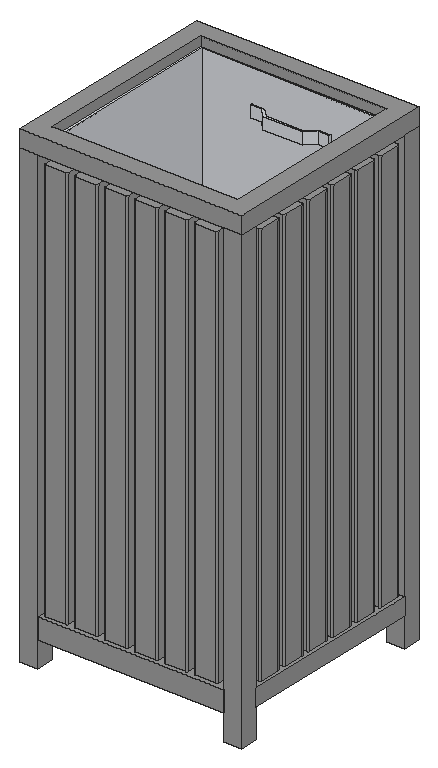
Revit family "Урна «Эстет» Арт 13007", category Антураж, Revit 2018
Family settings
  На основе рабочей плоскости = Нет
  Всегда вертикально = Да
  При загрузке вырезать с полостями = Нет
  Источник визуального образа = Геометрия семейства
  Общий = Нет
  Точка расчета площади = Нет
Parameters
  Ширина = 380 mm  # constant formula
  Цвет отделки = Дерево
  Цвет каркаса = Сталь
  Описание = "Урна «Эстет»"  # constant formula
  Материал изделия = "Сталь, дерево"  # constant formula
  Изображение типоразмера = Урна эстет арт 13007.jpg
  Изготовитель = "ООО «Хоббика»"  # constant formula
  Длина = 380 mm  # constant formula
  Группа модели = "Уличные урны"  # constant formula
  Высота = 820 mm  # constant formula
  Артикул товара = "Арт. 13007"  # constant formula
  URL = "https://hobbyka.ru/product/urna_estet/"
Reference planes
  plane 1 "По центру (Вперед/Назад)": y = 0
  plane 2: z = 0
  plane 3 "По центру (Влево/Вправо)": x = 0
Forms (mm)
  Extrusion 1, solid, material "Сталь" <- "Цвет каркаса"
    sketch origin (0, 0, 0) x (1, 0, 0) y (0, 1, 0)
      loop
        line (30, 380) -> (30, 350) -> (350, 350) -> (350, 380) -> (30, 380)
      loop
        line (30, 30) -> (30, 0) -> (350, 0) -> (350, 30) -> (30, 30)
    from 44.533 to 80
  Extrusion 2, solid, material "Сталь" <- "Цвет каркаса"
    sketch origin (0, 0, 0) x (1, 0, 0) y (0, 1, 0)
      loop
        line (0, 380) -> (0, 350) -> (30, 350) -> (30, 380) -> (0, 380)
      loop
        line (380, 380) -> (350, 380) -> (350, 350) -> (380, 350) -> (380, 380)
      loop
        line (30, 30) -> (0, 30) -> (0, 0) -> (30, 0) -> (30, 30)
      loop
        line (350, 30) -> (350, 0) -> (380, 0) -> (380, 30) -> (350, 30)
    from 0 to 790
  Extrusion 3, solid, material "Сталь" <- "Цвет каркаса"
    sketch origin (0, 0, 0) x (1, 0, 0) y (0, 1, 0)
      loop
        line (0, 380) -> (0, 0) -> (380, 0) -> (380, 380) -> (0, 380)
      loop
        line (30, 350) -> (30, 30) -> (350, 30) -> (350, 350) -> (30, 350)
    from 790 to 820
  Extrusion 4, solid, material "Сталь" <- "Цвет каркаса"
    sketch origin (0, 0, 0) x (1, 0, 0) y (0, 1, 0)
      loop
        line (0, 350) -> (0, 30) -> (30, 30) -> (30, 350) -> (0, 350)
      loop
        line (380, 350) -> (350, 350) -> (350, 30) -> (380, 30) -> (380, 350)
    from 50 to 80
  Extrusion 5, solid, material "Дерево" <- "Цвет отделки"
    sketch origin (0, 0, 0) x (1, 0, 0) y (0, 1, 0)
      loop
        arc (44.197, 380) -> (42.24, 379.19) -> (41.43, 377.233) r 2.767
        line (41.43, 377.233) -> (41.43, 352.767)
        arc (41.43, 352.767) -> (42.24, 350.81) -> (44.197, 350) r 2.767
        line (44.197, 350) -> (78.663, 350)
        arc (78.663, 350) -> (80.62, 350.81) -> (81.43, 352.767) r 2.767
        line (81.43, 352.767) -> (81.43, 377.233)
        arc (81.43, 377.233) -> (80.62, 379.19) -> (78.663, 380) r 2.767
        line (78.663, 380) -> (44.197, 380)
      loop
        arc (95.627, 380) -> (93.67, 379.19) -> (92.86, 377.233) r 2.767
        line (92.86, 377.233) -> (92.86, 352.767)
        arc (92.86, 352.767) -> (93.67, 350.81) -> (95.627, 350) r 2.767
        line (95.627, 350) -> (130.093, 350)
        arc (130.093, 350) -> (132.05, 350.81) -> (132.86, 352.767) r 2.767
        line (132.86, 352.767) -> (132.86, 377.233)
        arc (132.86, 377.233) -> (132.05, 379.19) -> (130.093, 380) r 2.767
        line (130.093, 380) -> (95.627, 380)
      loop
        arc (147.057, 380) -> (145.1, 379.19) -> (144.29, 377.233) r 2.767
        line (144.29, 377.233) -> (144.29, 352.767)
        arc (144.29, 352.767) -> (145.1, 350.81) -> (147.057, 350) r 2.767
        line (147.057, 350) -> (181.523, 350)
        arc (181.523, 350) -> (183.48, 350.81) -> (184.29, 352.767) r 2.767
        line (184.29, 352.767) -> (184.29, 377.233)
        arc (184.29, 377.233) -> (183.48, 379.19) -> (181.523, 380) r 2.767
        line (181.523, 380) -> (147.057, 380)
      loop
        arc (198.487, 380) -> (196.53, 379.19) -> (195.72, 377.233) r 2.767
        line (195.72, 377.233) -> (195.72, 352.767)
        arc (195.72, 352.767) -> (196.53, 350.81) -> (198.487, 350) r 2.767
        line (198.487, 350) -> (232.953, 350)
        arc (232.953, 350) -> (234.91, 350.81) -> (235.72, 352.767) r 2.767
        line (235.72, 352.767) -> (235.72, 377.233)
        arc (235.72, 377.233) -> (234.91, 379.19) -> (232.953, 380) r 2.767
        line (232.953, 380) -> (198.487, 380)
      loop
        arc (249.917, 380) -> (247.96, 379.19) -> (247.15, 377.233) r 2.767
        line (247.15, 377.233) -> (247.15, 352.767)
        arc (247.15, 352.767) -> (247.96, 350.81) -> (249.917, 350) r 2.767
        line (249.917, 350) -> (284.383, 350)
        arc (284.383, 350) -> (286.34, 350.81) -> (287.15, 352.767) r 2.767
        line (287.15, 352.767) -> (287.15, 377.233)
        arc (287.15, 377.233) -> (286.34, 379.19) -> (284.383, 380) r 2.767
        line (284.383, 380) -> (249.917, 380)
      loop
        arc (301.347, 380) -> (299.39, 379.19) -> (298.58, 377.233) r 2.767
        line (298.58, 377.233) -> (298.58, 352.767)
        arc (298.58, 352.767) -> (299.39, 350.81) -> (301.347, 350) r 2.767
        line (301.347, 350) -> (335.813, 350)
        arc (335.813, 350) -> (337.77, 350.81) -> (338.58, 352.767) r 2.767
        line (338.58, 352.767) -> (338.58, 377.233)
        arc (338.58, 377.233) -> (337.77, 379.19) -> (335.813, 380) r 2.767
        line (335.813, 380) -> (301.347, 380)
      loop
        arc (44.197, 30) -> (42.24, 29.19) -> (41.43, 27.233) r 2.767
        line (41.43, 27.233) -> (41.43, 2.767)
        arc (41.43, 2.767) -> (42.24, 0.81) -> (44.197, 0) r 2.767
        line (44.197, 0) -> (78.663, 0)
        arc (78.663, 0) -> (80.62, 0.81) -> (81.43, 2.767) r 2.767
        line (81.43, 2.767) -> (81.43, 27.233)
        arc (81.43, 27.233) -> (80.62, 29.19) -> (78.663, 30) r 2.767
        line (78.663, 30) -> (44.197, 30)
      loop
        arc (95.627, 30) -> (93.67, 29.19) -> (92.86, 27.233) r 2.767
        line (92.86, 27.233) -> (92.86, 2.767)
        arc (92.86, 2.767) -> (93.67, 0.81) -> (95.627, 0) r 2.767
        line (95.627, 0) -> (130.093, 0)
        arc (130.093, 0) -> (132.05, 0.81) -> (132.86, 2.767) r 2.767
        line (132.86, 2.767) -> (132.86, 27.233)
        arc (132.86, 27.233) -> (132.05, 29.19) -> (130.093, 30) r 2.767
        line (130.093, 30) -> (95.627, 30)
      loop
        arc (147.057, 30) -> (145.1, 29.19) -> (144.29, 27.233) r 2.767
        line (144.29, 27.233) -> (144.29, 2.767)
        arc (144.29, 2.767) -> (145.1, 0.81) -> (147.057, 0) r 2.767
        line (147.057, 0) -> (181.523, 0)
        arc (181.523, 0) -> (183.48, 0.81) -> (184.29, 2.767) r 2.767
        line (184.29, 2.767) -> (184.29, 27.233)
        arc (184.29, 27.233) -> (183.48, 29.19) -> (181.523, 30) r 2.767
        line (181.523, 30) -> (147.057, 30)
      loop
        arc (198.487, 30) -> (196.53, 29.19) -> (195.72, 27.233) r 2.767
        line (195.72, 27.233) -> (195.72, 2.767)
        arc (195.72, 2.767) -> (196.53, 0.81) -> (198.487, 0) r 2.767
        line (198.487, 0) -> (232.953, 0)
        arc (232.953, 0) -> (234.91, 0.81) -> (235.72, 2.767) r 2.767
        line (235.72, 2.767) -> (235.72, 27.233)
        arc (235.72, 27.233) -> (234.91, 29.19) -> (232.953, 30) r 2.767
        line (232.953, 30) -> (198.487, 30)
      loop
        arc (249.917, 30) -> (247.96, 29.19) -> (247.15, 27.233) r 2.767
        line (247.15, 27.233) -> (247.15, 2.767)
        arc (247.15, 2.767) -> (247.96, 0.81) -> (249.917, 0) r 2.767
        line (249.917, 0) -> (284.383, 0)
        arc (284.383, 0) -> (286.34, 0.81) -> (287.15, 2.767) r 2.767
        line (287.15, 2.767) -> (287.15, 27.233)
        arc (287.15, 27.233) -> (286.34, 29.19) -> (284.383, 30) r 2.767
        line (284.383, 30) -> (249.917, 30)
      loop
        arc (301.347, 30) -> (299.39, 29.19) -> (298.58, 27.233) r 2.767
        line (298.58, 27.233) -> (298.58, 2.767)
        arc (298.58, 2.767) -> (299.39, 0.81) -> (301.347, 0) r 2.767
        line (301.347, 0) -> (335.813, 0)
        arc (335.813, 0) -> (337.77, 0.81) -> (338.58, 2.767) r 2.767
        line (338.58, 2.767) -> (338.58, 27.233)
        arc (338.58, 27.233) -> (337.77, 29.19) -> (335.813, 30) r 2.767
        line (335.813, 30) -> (301.347, 30)
      loop
        arc (380, 335.803) -> (379.19, 337.76) -> (377.233, 338.57) r 2.767
        line (377.233, 338.57) -> (352.767, 338.57)
        arc (352.767, 338.57) -> (350.81, 337.76) -> (350, 335.803) r 2.767
        line (350, 335.803) -> (350, 301.337)
        arc (350, 301.337) -> (350.81, 299.38) -> (352.767, 298.57) r 2.767
        line (352.767, 298.57) -> (377.233, 298.57)
        arc (377.233, 298.57) -> (379.19, 299.38) -> (380, 301.337) r 2.767
        line (380, 301.337) -> (380, 335.803)
      loop
        arc (380, 284.373) -> (379.19, 286.33) -> (377.233, 287.14) r 2.767
        line (377.233, 287.14) -> (352.767, 287.14)
        arc (352.767, 287.14) -> (350.81, 286.33) -> (350, 284.373) r 2.767
        line (350, 284.373) -> (350, 249.907)
        arc (350, 249.907) -> (350.81, 247.95) -> (352.767, 247.14) r 2.767
        line (352.767, 247.14) -> (377.233, 247.14)
        arc (377.233, 247.14) -> (379.19, 247.95) -> (380, 249.907) r 2.767
        line (380, 249.907) -> (380, 284.373)
      loop
        arc (380, 232.943) -> (379.19, 234.9) -> (377.233, 235.71) r 2.767
        line (377.233, 235.71) -> (352.767, 235.71)
        arc (352.767, 235.71) -> (350.81, 234.9) -> (350, 232.943) r 2.767
        line (350, 232.943) -> (350, 198.477)
        arc (350, 198.477) -> (350.81, 196.52) -> (352.767, 195.71) r 2.767
        line (352.767, 195.71) -> (377.233, 195.71)
        arc (377.233, 195.71) -> (379.19, 196.52) -> (380, 198.477) r 2.767
        line (380, 198.477) -> (380, 232.943)
      loop
        arc (380, 181.513) -> (379.19, 183.47) -> (377.233, 184.28) r 2.767
        line (377.233, 184.28) -> (352.767, 184.28)
        arc (352.767, 184.28) -> (350.81, 183.47) -> (350, 181.513) r 2.767
        line (350, 181.513) -> (350, 147.047)
        arc (350, 147.047) -> (350.81, 145.09) -> (352.767, 144.28) r 2.767
        line (352.767, 144.28) -> (377.233, 144.28)
        arc (377.233, 144.28) -> (379.19, 145.09) -> (380, 147.047) r 2.767
        line (380, 147.047) -> (380, 181.513)
      loop
        arc (380, 130.083) -> (379.19, 132.04) -> (377.233, 132.85) r 2.767
        line (377.233, 132.85) -> (352.767, 132.85)
        arc (352.767, 132.85) -> (350.81, 132.04) -> (350, 130.083) r 2.767
        line (350, 130.083) -> (350, 95.617)
        arc (350, 95.617) -> (350.81, 93.66) -> (352.767, 92.85) r 2.767
        line (352.767, 92.85) -> (377.233, 92.85)
        arc (377.233, 92.85) -> (379.19, 93.66) -> (380, 95.617) r 2.767
        line (380, 95.617) -> (380, 130.083)
      loop
        arc (380, 78.653) -> (379.19, 80.61) -> (377.233, 81.42) r 2.767
        line (377.233, 81.42) -> (352.767, 81.42)
        arc (352.767, 81.42) -> (350.81, 80.61) -> (350, 78.653) r 2.767
        line (350, 78.653) -> (350, 44.187)
        arc (350, 44.187) -> (350.81, 42.23) -> (352.767, 41.42) r 2.767
        line (352.767, 41.42) -> (377.233, 41.42)
        arc (377.233, 41.42) -> (379.19, 42.23) -> (380, 44.187) r 2.767
        line (380, 44.187) -> (380, 78.653)
      loop
        arc (30, 335.803) -> (29.19, 337.76) -> (27.233, 338.57) r 2.767
        line (27.233, 338.57) -> (2.767, 338.57)
        arc (2.767, 338.57) -> (0.81, 337.76) -> (0, 335.803) r 2.767
        line (0, 335.803) -> (0, 301.337)
        arc (0, 301.337) -> (0.81, 299.38) -> (2.767, 298.57) r 2.767
        line (2.767, 298.57) -> (27.233, 298.57)
        arc (27.233, 298.57) -> (29.19, 299.38) -> (30, 301.337) r 2.767
        line (30, 301.337) -> (30, 335.803)
      loop
        arc (30, 284.373) -> (29.19, 286.33) -> (27.233, 287.14) r 2.767
        line (27.233, 287.14) -> (2.767, 287.14)
        arc (2.767, 287.14) -> (0.81, 286.33) -> (0, 284.373) r 2.767
        line (0, 284.373) -> (0, 249.907)
        arc (0, 249.907) -> (0.81, 247.95) -> (2.767, 247.14) r 2.767
        line (2.767, 247.14) -> (27.233, 247.14)
        arc (27.233, 247.14) -> (29.19, 247.95) -> (30, 249.907) r 2.767
        line (30, 249.907) -> (30, 284.373)
      loop
        arc (30, 232.943) -> (29.19, 234.9) -> (27.233, 235.71) r 2.767
        line (27.233, 235.71) -> (2.767, 235.71)
        arc (2.767, 235.71) -> (0.81, 234.9) -> (0, 232.943) r 2.767
        line (0, 232.943) -> (0, 198.477)
        arc (0, 198.477) -> (0.81, 196.52) -> (2.767, 195.71) r 2.767
        line (2.767, 195.71) -> (27.233, 195.71)
        arc (27.233, 195.71) -> (29.19, 196.52) -> (30, 198.477) r 2.767
        line (30, 198.477) -> (30, 232.943)
      loop
        arc (30, 181.513) -> (29.19, 183.47) -> (27.233, 184.28) r 2.767
        line (27.233, 184.28) -> (2.767, 184.28)
        arc (2.767, 184.28) -> (0.81, 183.47) -> (0, 181.513) r 2.767
        line (0, 181.513) -> (0, 147.047)
        arc (0, 147.047) -> (0.81, 145.09) -> (2.767, 144.28) r 2.767
        line (2.767, 144.28) -> (27.233, 144.28)
        arc (27.233, 144.28) -> (29.19, 145.09) -> (30, 147.047) r 2.767
        line (30, 147.047) -> (30, 181.513)
      loop
        arc (30, 130.083) -> (29.19, 132.04) -> (27.233, 132.85) r 2.767
        line (27.233, 132.85) -> (2.767, 132.85)
        arc (2.767, 132.85) -> (0.81, 132.04) -> (0, 130.083) r 2.767
        line (0, 130.083) -> (0, 95.617)
        arc (0, 95.617) -> (0.81, 93.66) -> (2.767, 92.85) r 2.767
        line (2.767, 92.85) -> (27.233, 92.85)
        arc (27.233, 92.85) -> (29.19, 93.66) -> (30, 95.617) r 2.767
        line (30, 95.617) -> (30, 130.083)
      loop
        arc (30, 78.653) -> (29.19, 80.61) -> (27.233, 81.42) r 2.767
        line (27.233, 81.42) -> (2.767, 81.42)
        arc (2.767, 81.42) -> (0.81, 80.61) -> (0, 78.653) r 2.767
        line (0, 78.653) -> (0, 44.187)
        arc (0, 44.187) -> (0.81, 42.23) -> (2.767, 41.42) r 2.767
        line (2.767, 41.42) -> (27.233, 41.42)
        arc (27.233, 41.42) -> (29.19, 42.23) -> (30, 44.187) r 2.767
        line (30, 44.187) -> (30, 78.653)
    from 85 to 780
  Extrusion 6, solid
    sketch origin (0, 0, 0) x (1, 0, 0) y (0, 1, 0)
      loop
        line (32.5, 347.5) -> (32.5, 32.5) -> (347.5, 32.5) -> (347.5, 347.5) -> (32.5, 347.5)
      loop
        line (35.5, 344.5) -> (35.5, 35.5) -> (344.5, 35.5) -> (344.5, 344.5) -> (35.5, 344.5)
    from 85 to 805
  Extrusion 7, solid
    sketch origin (0, 0, 0) x (1, 0, 0) y (0, 1, 0)
      loop
        line (32.5, 347.5) -> (32.5, 32.5) -> (347.5, 32.5) -> (347.5, 347.5) -> (32.5, 347.5)
    from 80 to 85
  Extrusion 8, solid
    sketch origin (0, 0, 0) x (1, 0, 0) y (0, 1, 0)
      loop
        line (157.5, 329.5) -> (142.5, 344.5) -> (122.5, 344.5) -> (122.5, 341.5) -> (141.257, 341.5) -> (156.257, 326.5) -> (223.743, 326.5) -> (238.743, 341.5) -> (257.5, 341.5) -> (257.5, 344.5) -> (237.5, 344.5) -> (222.5, 329.5) -> (157.5, 329.5)
      loop
        line (157.5, 50.5) -> (222.5, 50.5) -> (237.5, 35.5) -> (257.5, 35.5) -> (257.5, 38.5) -> (238.743, 38.5) -> (223.743, 53.5) -> (156.257, 53.5) -> (141.257, 38.5) -> (122.5, 38.5) -> (122.5, 35.5) -> (142.5, 35.5) -> (157.5, 50.5)
    from 730 to 750
Dimensions and locks
  Extrusion 3 to level = 820 mm
  aligned and locked: level to plane 2
